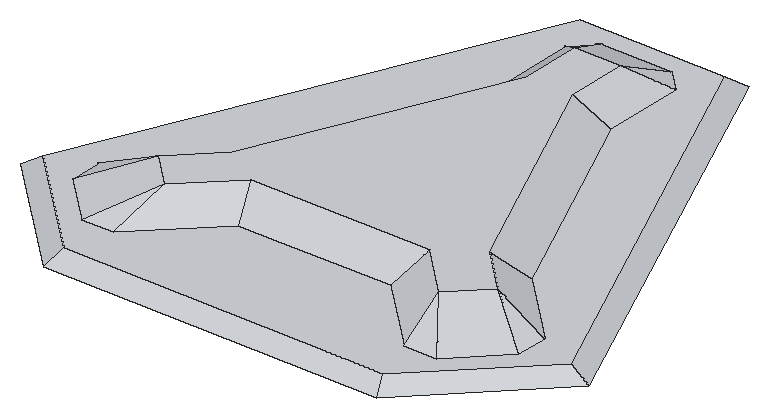
Revit family "a10562e6729c40109be4781f3598f957", category Communication Devices, Revit 2021
Family settings
  Maintain Annotation Orientation = Yes
  Round Connector Dimension = Use Diameter
  Part Type = Normal
  OmniClass Number = 23.85.10.11.14.14.11
  OmniClass Title = Microphones
  Seek Item ID = Microphone-0000-USA-ENU
  Work Plane-Based = No
  Always vertical = Yes
  Cut with Voids When Loaded = No
  Shared = No
  Room Calculation Point = No
Parameters (values of type "Standard")
  Microphone Material = none
  Default Elevation = 0' - 0"
Reference planes (in)
  plane 1 "Center (Front/Back)": y = 0
  plane 2: z = 0
  plane 3 "Center (Left/Right)": x = 0
  plane 4: x = 8.76
  plane 5: x = -8.76
  plane 6: y = 8.76
  plane 7: y = -8.76
  plane 8: z = 1.06
  plane 9: z = 0.375
Forms (in)
  Blend 1, solid, material <- "Microphone Material"
    base sketch origin (0, 0, 0) x (1, 0, 0) y (0, 1, 0)
      loop
        line (-8.76, -5.135) -> (-5.135, -8.76) -> (5.135, -8.76) -> (8.76, -5.135) -> (2.56326, 8.76) -> (-2.56326, 8.76) -> (-8.76, -5.135)
    top sketch origin (0, 0, 0) x (1, 0, 0) y (0, 1, 0)
      loop
        line (-2.23878, 8.26) -> (-8.1633, -5.0246) -> (-4.92789, -8.26) -> (4.92789, -8.26) -> (8.1633, -5.0246) -> (2.23878, 8.26) -> (-2.23878, 8.26)
    from 0 to 0.375
  Blend 2, solid, material <- "Microphone Material"
    base sketch origin (0, 0, 0) x (1, 0, 0) y (0, 1, 0)
      loop
        line (-6.88684, -5.47263) -> (-5.47263, -6.88684) -> (-4.47263, -6.88684) -> (-2.35131, -4.76552) -> (2.35131, -4.76552) -> (4.47263, -6.88684) -> (5.47263, -6.88684) -> (6.88684, -5.47263) -> (6.88684, -4.47263) -> (4.79385, -2.37964) -> (1.70711, 4.54179) -> (1.70711, 7.03236) -> (1.07321, 7.66625) -> (-1.07321, 7.66625) -> (-1.70711, 7.03236) -> (-1.70711, 4.54179) -> (-4.79385, -2.37964) -> (-6.88684, -4.47263) -> (-6.88684, -5.47263)
    top sketch origin (0, 0, 0) x (1, 0, 0) y (0, 1, 0)
      loop
        line (-0.70711, 4.32891) -> (-3.95591, -2.95591) -> (-5.22263, -4.22263) -> (-4.22263, -5.22263) -> (-2.76552, -3.76552) -> (2.76552, -3.76552) -> (4.22263, -5.22263) -> (5.22263, -4.22263) -> (3.95591, -2.95591) -> (0.70711, 4.32891) -> (0.70711, 6.16625) -> (-0.70711, 6.16625) -> (-0.70711, 4.32891)
    from 0.375 to 1.06
Lines and regions (in)
  symbolic lines, detail levels fine
    curve 1: line (-8.76, -5.135, 0) -> (-2.56326, 8.76, 0)
    curve 2: line (-2.23878, 8.26, 0) -> (-8.1633, -5.0246, 0)
    curve 3: line (2.23878, 8.26, 0) -> (-2.23878, 8.26, 0)
    curve 4: line (-2.56326, 8.76, 0) -> (2.56326, 8.76, 0)
    curve 5: line (2.56326, 8.76, 0) -> (8.76, -5.135, 0)
    curve 6: line (8.1633, -5.0246, 0) -> (2.23878, 8.26, 0)
    curve 7: line (2.56326, 8.76, 0) -> (2.23878, 8.26, 0)
    curve 8: line (-2.56326, 8.76, 0) -> (-2.23878, 8.26, 0)
    curve 9: line (8.76, -5.135, 0) -> (8.1633, -5.0246, 0)
    curve 10: line (8.76, -5.135, 0) -> (5.135, -8.76, 0)
    curve 11: line (4.92789, -8.26, 0) -> (8.1633, -5.0246, 0)
    curve 12: line (5.135, -8.76, 0) -> (4.92789, -8.26, 0)
    curve 13: line (5.135, -8.76, 0) -> (-5.135, -8.76, 0)
    curve 14: line (-4.92789, -8.26, 0) -> (4.92789, -8.26, 0)
    curve 15: line (-4.92789, -8.26, 0) -> (-5.135, -8.76, 0)
    curve 16: line (-5.135, -8.76, 0) -> (-8.76, -5.135, 0)
    curve 17: line (-8.1633, -5.0246, 0) -> (-4.92789, -8.26, 0)
    curve 18: line (-8.76, -5.135, 0) -> (-8.1633, -5.0246, 0)
    curve 19: line (-5.47263, -6.88684, 0) -> (-6.88684, -5.47263, 0)
    curve 20: line (-4.47263, -6.88684, 0) -> (-5.47263, -6.88684, 0)
    curve 21: line (-4.47263, -6.88684, 0) -> (-4.22263, -5.22263, 0)
    curve 22: line (-4.22263, -5.22263, 0) -> (-5.47263, -6.88684, 0)
    curve 23: line (-6.88684, -5.47263, 0) -> (-5.22263, -4.22263, 0)
    curve 24: line (-5.22263, -4.22263, 0) -> (-4.22263, -5.22263, 0)
    curve 25: line (-6.88684, -4.47263, 0) -> (-5.22263, -4.22263, 0)
    curve 26: line (-6.88684, -5.47263, 0) -> (-6.88684, -4.47263, 0)
    curve 27: line (-6.88684, -4.47263, 0) -> (-4.79385, -2.37964, 0)
    curve 28: line (-3.95591, -2.95591, 0) -> (-5.22263, -4.22263, 0)
    curve 29: line (-4.22263, -5.22263, 0) -> (-2.76552, -3.76552, 0)
    curve 30: line (-2.35131, -4.76552, 0) -> (-4.47263, -6.88684, 0)
    curve 31: line (2.35131, -4.76552, 0) -> (-2.35131, -4.76552, 0)
    curve 32: line (-2.35131, -4.76552, 0) -> (-2.76552, -3.76552, 0)
    curve 33: line (-2.76552, -3.76552, 0) -> (2.76552, -3.76552, 0)
    curve 34: line (2.35131, -4.76552, 0) -> (2.76552, -3.76552, 0)
    curve 35: line (4.47263, -6.88684, 0) -> (2.35131, -4.76552, 0)
    curve 36: line (2.76552, -3.76552, 0) -> (4.22263, -5.22263, 0)
    curve 37: line (4.47263, -6.88684, 0) -> (4.22263, -5.22263, 0)
    curve 38: line (5.47263, -6.88684, 0) -> (4.22263, -5.22263, 0)
    curve 39: line (5.47263, -6.88684, 0) -> (4.47263, -6.88684, 0)
    curve 40: line (6.88684, -5.47263, 0) -> (5.47263, -6.88684, 0)
    curve 41: line (6.88684, -5.47263, 0) -> (5.22263, -4.22263, 0)
    curve 42: line (6.88684, -4.47263, 0) -> (6.88684, -5.47263, 0)
    curve 43: line (6.88684, -4.47263, 0) -> (5.22263, -4.22263, 0)
    curve 44: line (4.22263, -5.22263, 0) -> (5.22263, -4.22263, 0)
    curve 45: line (5.22263, -4.22263, 0) -> (3.95591, -2.95591, 0)
    curve 46: line (4.79385, -2.37964, 0) -> (6.88684, -4.47263, 0)
    curve 47: line (4.79385, -2.37964, 0) -> (3.95591, -2.95591, 0)
    curve 48: line (1.70711, 4.54179, 0) -> (4.79385, -2.37964, 0)
    curve 49: line (3.95591, -2.95591, 0) -> (0.70711, 4.32891, 0)
    curve 50: line (1.70711, 4.54179, 0) -> (0.70711, 4.32891, 0)
    curve 51: line (1.70711, 7.03236, 0) -> (1.70711, 4.54179, 0)
    curve 52: line (0.70711, 4.32891, 0) -> (0.70711, 6.16625, 0)
    curve 53: line (1.70711, 7.03236, 0) -> (0.70711, 6.16625, 0)
    curve 54: line (1.07321, 7.66625, 0) -> (0.70711, 6.16625, 0)
    curve 55: line (1.07321, 7.66625, 0) -> (1.70711, 7.03236, 0)
    curve 56: line (-1.07321, 7.66625, 0) -> (1.07321, 7.66625, 0)
    curve 57: line (0.70711, 6.16625, 0) -> (-0.70711, 6.16625, 0)
    curve 58: line (-1.07321, 7.66625, 0) -> (-0.70711, 6.16625, 0)
    curve 59: line (-1.70711, 7.03236, 0) -> (-1.07321, 7.66625, 0)
    curve 60: line (-1.70711, 7.03236, 0) -> (-0.70711, 6.16625, 0)
    curve 61: line (-0.70711, 6.16625, 0) -> (-0.70711, 4.32891, 0)
    curve 62: line (-1.70711, 4.54179, 0) -> (-1.70711, 7.03236, 0)
    curve 63: line (-1.70711, 4.54179, 0) -> (-0.70711, 4.32891, 0)
    curve 64: line (-0.70711, 4.32891, 0) -> (-3.95591, -2.95591, 0)
    curve 65: line (-4.79385, -2.37964, 0) -> (-1.70711, 4.54179, 0)
    curve 66: line (-4.79385, -2.37964, 0) -> (-3.95591, -2.95591, 0)
Dimensions and locks (in)
  locked: plane 3 "Center (Left/Right)" to plane 4 at 8.76
  locked: plane 5 to plane 3 "Center (Left/Right)" at 8.76
  locked: plane 7 to plane 1 "Center (Front/Back)" at 8.76
  locked: plane 1 "Center (Front/Back)" to plane 6 at 8.76
  locked: Blend 1 sketch curve to Blend 1 sketch curve at 5.12652  (x3)
  equal spacing: Blend 1 sketch curve, plane 3 "Center (Left/Right)", Blend 1 sketch curve
  locked: plane 8 to plane 2 at 1.06
  locked: plane 9 to plane 2 at 0.375
  aligned and locked: plane 7 to Blend 1 sketch curve  (x2)
  aligned and locked: plane 5 to Blend 1 sketch curve
  aligned and locked: plane 4 to Blend 1 sketch curve
  aligned and locked: Blend 1 sketch curve to plane 6
  aligned and locked: Blend 1 sketch curve to plane 7
  aligned and locked: Blend 1 to plane 2
  aligned and locked: plane 9 to Blend 1
  aligned and locked: Blend 2 to plane 9
  aligned and locked: plane 8 to Blend 2
  aligned and locked: curve 1 to Blend 1
  aligned and locked: curve 2 to Blend 1
  aligned and locked: curve 3 to Blend 1
  aligned and locked: curve 4 to Blend 1
  aligned and locked: curve 5 to Blend 1
  aligned and locked: curve 6 to Blend 1
  aligned and locked: curve 7 to Blend 1
  aligned and locked: curve 8 to Blend 1
  aligned and locked: curve 9 to Blend 1
  aligned and locked: curve 10 to Blend 1
  aligned and locked: curve 11 to Blend 1
  aligned and locked: curve 12 to Blend 1
  aligned and locked: curve 13 to Blend 1
  aligned and locked: curve 14 to Blend 1
  aligned and locked: curve 15 to Blend 1
  aligned and locked: curve 16 to Blend 1
  aligned and locked: curve 17 to Blend 1
  aligned and locked: curve 18 to Blend 1
  aligned and locked: curve 19 to Blend 2
  aligned and locked: curve 20 to Blend 2
  aligned and locked: curve 21 to Blend 2
  aligned and locked: curve 22 to Blend 2
  aligned and locked: curve 23 to Blend 2
  aligned and locked: curve 24 to Blend 2
  aligned and locked: curve 25 to Blend 2
  aligned and locked: curve 26 to Blend 2
  aligned and locked: curve 27 to Blend 2
  aligned and locked: curve 28 to Blend 2
  aligned and locked: curve 29 to Blend 2
  aligned and locked: curve 30 to Blend 2
  aligned and locked: curve 31 to Blend 2
  aligned and locked: curve 32 to Blend 2
  aligned and locked: curve 33 to Blend 2
  aligned and locked: curve 34 to Blend 2
  aligned and locked: curve 35 to Blend 2
  aligned and locked: curve 36 to Blend 2
  aligned and locked: curve 37 to Blend 2
  aligned and locked: curve 38 to Blend 2
  aligned and locked: curve 39 to Blend 2
  aligned and locked: curve 40 to Blend 2
  aligned and locked: curve 41 to Blend 2
  aligned and locked: curve 42 to Blend 2
  aligned and locked: curve 43 to Blend 2
  aligned and locked: curve 44 to Blend 2
  aligned and locked: curve 45 to Blend 2
  aligned and locked: curve 46 to Blend 2
  aligned and locked: curve 47 to Blend 2
  aligned and locked: curve 48 to Blend 2
  aligned and locked: curve 49 to Blend 2
  aligned and locked: curve 50 to Blend 2
  aligned and locked: curve 51 to Blend 2
  aligned and locked: curve 52 to Blend 2
  aligned and locked: curve 53 to Blend 2
  aligned and locked: curve 54 to Blend 2
  aligned and locked: curve 55 to Blend 2
  aligned and locked: curve 56 to Blend 2
  aligned and locked: curve 57 to Blend 2
  aligned and locked: curve 58 to Blend 2
  aligned and locked: curve 59 to Blend 2
  aligned and locked: curve 60 to Blend 2
  aligned and locked: curve 61 to Blend 2
  aligned and locked: curve 62 to Blend 2
  aligned and locked: curve 63 to Blend 2
  aligned and locked: curve 64 to Blend 2
  aligned and locked: curve 65 to Blend 2
  aligned and locked: curve 66 to Blend 2
  aligned and locked: plane 1 "Center (Front/Back)" to nested 1
  aligned and locked: plane 3 "Center (Left/Right)" to nested 1
Nested families (in)
  nested 1: "Microphone Annotation" at (0, 0, 0), type "Microphone Annotation", detail levels coarse+medium
Connectors (in)
  electrical at (0, -1.71167, 0)
    settings: on Blend 1, index 1, voltage 0 V, apparent load 0 VA, apparent load phase1 0 VA, apparent load phase2 0 VA, apparent load phase3 0 VA, power factor 1, load classification "Other", number of poles 1, system type 14, power factor state 1, is connector primary yes, connector utility no, sub classification motor no, connector description ""
Definition of nested family "Microphone Annotation"
  Parameters
    Label Annotation = "M"
  Reference planes (in)
    plane 1: y = 0
    plane 2: x = 0
  Lines and regions (in)
    reference lines
      curve 1: line (-0.2699, 0, 0) -> (0.35142, 0, 0)
      curve 2: line (-0.37147, -0.09375, 0) -> (0.37853, -0.09375, 0)
    detail lines
      curve 3: circle (0, 0, 0) r 0.09375 normal (0, 0, 1)
  Text (in)
    label "M" at (-0.04986, -0.00659, 0), shows "Label Annotation"
  Dimensions and locks (in)
    locked: curve 2 to plane 1 at 0.09375
    radius of curve 3 = 0' - 0 3/32"
    aligned and locked: plane 2 to curve 3
    aligned and locked: curve 1 to curve 3
